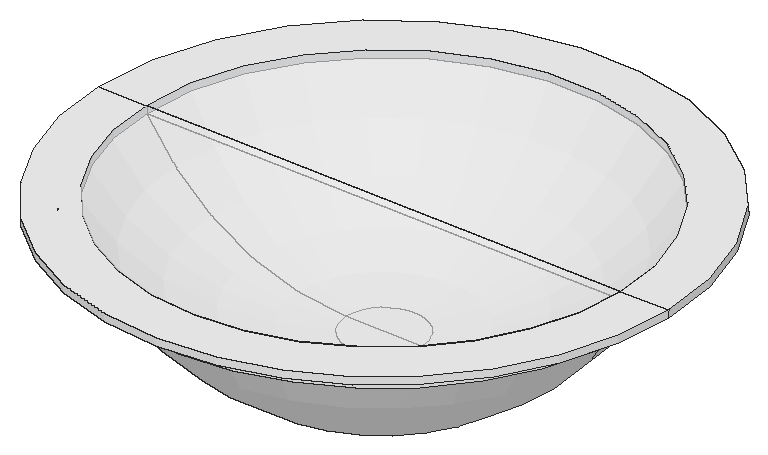
Revit family "0030346 Sylvania Lighting Fixture START Downlight 225 IP44 1-10V 2325Lm 830", category Lighting Fixtures, host Face, Revit 2016
Family settings
  Host = Face
  Part Type = Normal
  Round Connector Dimension = Use Diameter
  OmniClass Number = 23.80.70.00
  OmniClass Title = Lighting
  Cut with Voids When Loaded = No
  Light Source = Yes
  Shared = No
  Room Calculation Point = No
Parameters (values of type "0030346 ST DOWNLIGHT 225 IP44 1-10V 2325LM 830")
  Weight = "10.212 kg"
  Wattage Comments = ""
  Wattage = 24 W
  WarrantyStartDate [instance] = "n/a"
  WarrantyGuarantorParts = "n/a"
  WarrantyDurationUnit = "n/a"
  WarrantyDurationParts = "n/a"
  WarrantyDescription = "n/a"
  built-in parameter 1150110 = 1 (stored number, unit not read)
  Voltage = 230 V
  URL = "http://www.sylvania-lighting.com"
  TypeName = "START Downlight 225 IP44 1-10V 2325Lm 830"
  Type Image = <None>
  Type Comments = "n/a"
  built-in parameter 1114217 = 1 (stored number, unit not read)
  Tilt Angle = -90.00°
  built-in parameter 1150109 = 1 (stored number, unit not read)
  built-in parameter 1150134 = (empty or 0)
  built-in parameter 1150113 = 1 (stored number, unit not read)
  SerialNumber [instance] = "n/a"
  S_SYL = no
  RadiusTop_SYL = if(S_SYL, 80 mm, if(M_SYL, 100 mm, if(L_SYL, 120 mm, 120 mm)))  # 120 mm
  Photometric Web File = "0030346.ies"
  Material_3_FEILO = Top-Sylvania-STARTDownlight
  PowerFactor = 0.9
  PowerConsumption = "24 W"
  NominalLength = 240 mm
  NominalHeight = 65 mm
  NominalDepth = 240 mm
  Name = "START Downlight 225 IP44 1-10V 2325Lm 830"
  ModelReference = Name  # "START Downlight 225 IP44 1-10V 2325Lm 830"
  ModelNumber = "0030346"
  Model = Name  # "START Downlight 225 IP44 1-10V 2325Lm 830"
  Material = "aluminium housing, polycarbonate diffuser"
  ManufacturerName = "Feilo Sylvania"
  Manufacturer = "Feilo Sylvania"
  M_SYL = no
  LuminousEfficacy = "97.10 lm/W"
  built-in parameter 1150105 = 1282.5 (stored number, unit not read)
  Lumens = 2330.42 lm
  LuminaireType = ""
  built-in parameter 1150115 = 1 (stored number, unit not read)
  LightOutputRatio = "100"
  built-in parameter 1150137 = (empty or 0)
  built-in parameter 1150139 = (empty or 0)
  LampsType = Lamp  # "LED"
  LampNominalLuminous = "2330 lm"
  LampMacAdamStep = "5"
  LampColourTemperature = "3000 K"
  LampColourRenderingIndex = "80"
  built-in parameter 1150112 = 1 (stored number, unit not read)
  built-in parameter 1150114 = 1 (stored number, unit not read)
  Lamp = "LED"
  L_SYL = no
  Keynote = "16500"
  InstallationDate [instance] = "n/a"
  InputVoltage = "220-240V~"
  InputNominalFrequency = "50/60 Hz"
  built-in parameter 1150132 = (empty or 0)
  built-in parameter 1150102 = (empty or 0)
  built-in parameter 1150107 = 3000 (stored number, unit not read)
  built-in parameter 1150138 = (empty or 0)
  IngressProtection = "IP20/44"
  ImpactProtectionIndex = "IK07"
  built-in parameter 1150106 = 12.825 (stored number, unit not read)
  IfcExportType = "IfcLightFixtureType"
  IfcExportAs = "IfcLightFixtureType"
  Height_SYL = if(S_SYL, 41 mm, if(M_SYL, 47 mm, if(L_SYL, 56 mm, 62 mm)))  # 62 mm
  ExpectedLife = 50000
  Emit from Circle Diameter = Diameter_SYL - 40 mm  # 200 mm
  Emit Shape Visible in Rendering = no
  ElectricShockClassification = "Class II"
  built-in parameter 1150104 = 9.021 (stored number, unit not read)
  DurationUnit = "hours"
  DocumentationLiterature = "http://www.sylvania-lighting.com/product/en-int/products/0030346"
  DimmingControlOptions = "Dimmable"
  Material_2_FEILO = Diffuser-Sylvania-STARTDownlight
  Dimming Lamp Color Temperature Shift = <None>
  Diameter_SYL = if(S_SYL, 164 mm, if(M_SYL, 193 mm, if(L_SYL, 220 mm, 240 mm)))  # 240 mm
  DiameterTop_SYL = if(S_SYL, 77 mm, if(M_SYL, 81 mm, if(L_SYL, 104 mm, 105 mm)))  # 105 mm
  DiameterRecess_SYL = if(S_SYL, 141 mm, if(M_SYL, 169 mm, if(L_SYL, 198 mm, 216 mm)))  # 216 mm
  Description = ""
  Default Elevation = 1219.2 mm
  CreatedOn = "8/1/2018"
  CreatedBy = "@sylvania-lighting.com"
  Cost = 0
  Color Filter = 16777215
  built-in parameter 1114216 [instance] = (empty or 0)
  ClassificationValue = "EF_70_80"
  ClassificationName = "Uniclass2015"
  Material_1_FEILO = Trim-Sylvania-STARTDownlight-White
  BarCode [instance] = "n/a"
  built-in parameter 1114218 = 1 (stored number, unit not read)
  built-in parameter 1150133 = 10 (stored number, unit not read)
  AssetType = "Fixed"
  AssetIdentifier [instance] = "n/a"
  Assembly Code = "D5020200"
  Apparent Load = 24 VA
  Material_4_FEILO = LED-Sylvania-STARTDownlight
Reference planes
  plane 1 "Center (Front/Back)": y = 0
  plane 2: z = 0
  plane 3 "Center (Left/Right)": x = 0
  plane 4: x = 120
  plane 5: x = -120
  plane 6: z = 3
  plane 7: z = -8
  plane 8: z = -57
  plane 9: z = -59
  plane 10: x = -108
  plane 11: x = 108
  plane 12: x = -52.5
  plane 13: x = 52.5
  plane 14: x = -100
  plane 15: x = 100
  plane 16: z = -85
  plane 17: x = -100
  plane 18: z = 2
  plane 19: z = -47
  plane 20: x = -16
Forms (mm)
  Revolve 1, solid
    sketch origin (0, 0, 0) x (1, 0, 0) y (0, 0, 1)
      loop
        line (-120, 3) -> (-120, 0) -> (-108, 0) -> (-108, -8) -> (-100, -8)
        arc (-100, -8) -> (-79.807, -35.948) -> (-52.5, -57) r 120
        line (-52.5, -57) -> (0, -57) -> (0, -47) -> (-16, -47)
        arc (-16, -47) -> (-64.127, -34.451) -> (-100, 0) r 98.564
        line (-100, 0) -> (-100, 3) -> (-120, 3)
      axis (0, 3) -> (0, -57)
    angle from 360 to 0
  Revolve 2, void
    sketch origin (0, 0, 0) x (1, 0, 0) y (0, 0, 1)
      loop
        line (0, 0) -> (-108, 0) -> (-108, -85) -> (0, -85) -> (0, 0)
      axis (0, 0) -> (0, -85)
    angle from 360 to 0
  Revolve 3, solid, material "Diffuser-Sylvania-STARTDownlight" <- "Material_2_FEILO"
    sketch origin (0, 0, 0) x (1, 0, 0) y (0, 0, 1)
      loop
        line (-100, 3) -> (-100, 0) -> (0, 0) -> (0, 3) -> (-100, 3)
      axis (0, 3) -> (0, 0)
    angle from 360 to 0
Dimensions and locks
  equal spacing: plane 4, plane 3 "Center (Left/Right)", plane 5
  "Diameter_SYL": plane 4 to plane 5
  equal spacing: plane 11, plane 3 "Center (Left/Right)", plane 10
  equal spacing: plane 13, plane 3 "Center (Left/Right)", plane 12
  "DiameterTop_SYL": plane 13 to plane 12
  equal spacing: plane 15, plane 3 "Center (Left/Right)", plane 14
  locked: plane 6 to plane 2 at 3
  "Height_SYL": plane 6 to plane 9
  locked: plane 8 to plane 9 at 2
  locked: plane 2 to plane 7 at 8
  locked: plane 2 to plane 16 at 85
  locked: plane 17 to plane 5 at 20
  locked: plane 6 to plane 18 at 1
  "DiameterRecess_SYL": plane 11 to plane 10
  locked: plane 19 to plane 8 at 10
  locked: plane 3 "Center (Left/Right)" to plane 20 at 16
  locked: plane 14 to plane 5 at 20
  "RadiusTop_SYL": radius of Revolve 1 sketch curve
  aligned and locked: plane 2 to host face
  aligned and locked: level to host face
  aligned and locked: Revolve 1 sketch curve to plane 5
  aligned and locked: Revolve 1 sketch curve to level
  aligned and locked: plane 7 to Revolve 1 sketch curve
  aligned and locked: Revolve 1 sketch curve to plane 10
  aligned and locked: plane 14 to Revolve 1 sketch curve
  aligned and locked: plane 3 "Center (Left/Right)" to Revolve 1 sketch curve
  aligned and locked: Revolve 1 sketch curve to plane 8
  aligned and locked: Revolve 1 sketch curve to plane 3 "Center (Left/Right)"
  aligned and locked: Revolve 2 sketch curve to plane 3 "Center (Left/Right)"
  aligned and locked: plane 3 "Center (Left/Right)" to Revolve 2 sketch curve
  aligned and locked: Revolve 2 sketch curve to plane 10
  aligned and locked: plane 16 to Revolve 2 sketch curve
  aligned and locked: Revolve 1 sketch curve to plane 6
  aligned and locked: plane 19 to Revolve 1 sketch curve
  aligned and locked: plane 20 to Revolve 1 sketch curve
  aligned and locked: Revolve 1 sketch curve to Revolve 1 sketch curve
  aligned and locked: plane 17 to Revolve 1 sketch curve
  aligned and locked: plane 2 to Revolve 1 sketch curve
  aligned and locked: Revolve 3 sketch curve to plane 3 "Center (Left/Right)"  (x2)
  aligned and locked: plane 3 "Center (Left/Right)" to imposter light
  aligned and locked: imposter light to plane 18
  aligned and locked: imposter light to plane 1 "Center (Front/Back)"
  aligned and locked: plane 14 to Revolve 3 sketch curve
Automatic sketch dimensions
  host sketch curve to host sketch curve = 2438.4 mm  (x2)
  plane 16 to Revolve 2 sketch curve = 524.6 mm
  Revolve 2 sketch curve to plane 6 = 2606.058 mm
  Revolve 1 sketch curve to plane 12 = 0 mm
  plane 16 to Revolve 1 sketch curve = 524.6 mm
  Revolve 1 sketch curve to Revolve 1 sketch curve = 2581.366 mm
  Revolve 2 sketch curve to level = 0 mm
  Revolve 3 sketch curve to plane 6 = 0 mm
  Revolve 3 sketch curve to level = 0 mm
  plane 16 to Revolve 3 sketch curve = 524.6 mm
  Revolve 3 sketch curve to Revolve 3 sketch curve = 2606.058 mm
Connectors
  electrical at (0, 0, 0), driven by "Apparent Load", driven by "PowerFactor", driven by "Voltage"
    settings: index 1, voltage 230 V, apparent load 24 VA, apparent load phase1 0 VA, apparent load phase2 0 VA, apparent load phase3 0 VA, power factor 0.9, load classification "Lighting", number of poles 1, system type 30, power factor state 1, is connector primary yes, connector utility no, sub classification motor no, connector description ""
